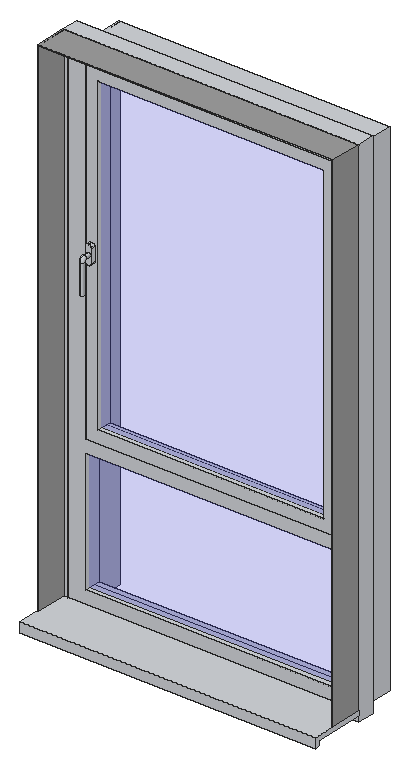
Revit family "AVLN_Окно_Фрамуга_1 створка", category Окна, Revit 2021
Family settings
  Основа = Стена
  Номер OmniClass = 23.30.20.00
  Заголовок OmniClass = Windows
  Всегда вертикально = Да
  При загрузке вырезать с полостями = Нет
  Общий = Нет
  Точка принадлежности помещению = Нет
Parameters (values of type "Для копирования!")
  Ширина рамы = 70 mm
  Ширина импоста = 50 mm
  Четверть слева/справа = 50 mm
  Четверть низ = 0 mm  # constant formula
  Четверть верх = 50 mm
  Толщина основы [instance] = 200 mm
  Створка_толщина = 25 mm  # constant formula
  Створка_снизу_высота = 500 mm
  Створка_профиль = 50 mm
  Створка ширина = Width - ((Ширина рамы * 2) + (Монтажный зазор_Слева + Монтажный зазор_Справа))  # 1020 mm
  Створка высота = Height - (Створка_снизу_высота + (Ширина рамы * 2) + Ширина импоста + (Монтажный зазор_Сверху + Монтажный зазор_Снизу))  # 1370 mm
  Рабочая зона = no
  Rough Width = Width - Монтажный зазор_Слева - Монтажный зазор_Справа  # 1160 mm
  Rough Height = Height - Монтажный зазор_Сверху - Монтажный зазор_Снизу  # 2060 mm
  Подстановочный профиль_Ширина = 20 mm  # constant formula
  Подстановочный профиль_Толщина = 50 mm
  Подоконник_Толщина = 20 mm
  Подоконник_Длина = Width  # 1200 mm
  Подоконник_Глубина = 190 mm
  Подоконник = yes
  Отлив_Толщина = 1 mm  # constant formula
  Отлив_Длина = Width - [Четверть слева/справа] * 2  # 1100 mm
  Отлив_Глубина = 200 mm
  Отлив = no
  Откос_Н.Ширина = Width - 2 * [Четверть слева/справа]  # 1100 mm
  Откос_Н.Толщина.8 = 32 mm
  Откос_Н.Толщина.7 = 28 mm
  Откос_Н.Толщина.6 = 24 mm
  Откос_Н.Толщина.5 = 20 mm
  Откос_Н.Толщина.4 = 16 mm
  Откос_Н.Толщина.3 = 12 mm
  Откос_Н.Толщина.2 = 8 mm
  Откос_Н.Толщина.1 = 4 mm
  Откос_Н.Отступ_П = 0 mm  # constant formula
  Откос_Н.Отступ_Л = 0 mm  # constant formula
  Откос_Н.Количество слоев = 1
  Откос_Н.Глубина = 150 mm
  Откос_Н.Высота = Height - Четверть верх - Четверть низ  # 2050 mm
  Откос_В.Толщина.8 = 32 mm
  Откос_В.Толщина.7 = 28 mm
  Откос_В.Толщина.6 = 24 mm
  Откос_В.Толщина.5 = 20 mm
  Откос_В.Толщина.4 = 16 mm
  Откос_В.Толщина.3 = 12 mm
  Откос_В.Толщина.2 = 8 mm
  Откос_В.Толщина.1 = 4 mm
  Откос_В.Отступ_П [instance] = Монтажный зазор_Снизу + Подоконник_Толщина  # 40 mm
  Откос_В.Отступ_Л [instance] = Монтажный зазор_Снизу + Подоконник_Толщина  # 40 mm
  Откос_В.Количество слоев = 1
  Откос_В.Глубина [instance] = Толщина основы - Глубина вставки - Ширина рамы  # 130 mm
  Определить тепловые свойства по = Тип схем
  Низ открывание = АВЛН_Створка открывная : Створка глухая
  Монтажный зазор_Справа = 20 mm
  Монтажный зазор_Снизу = 20 mm
  Монтажный зазор_Слева = 20 mm
  Монтажный зазор_Сверху = 20 mm
  М.Стекла = Стекло
  М.Рамы = none
  М.Подоконный профиль = none
  М.Подоконник = none
  М.Отлив = none
  М.Откос_Н.8 = none
  М.Откос_Н.7 = none
  М.Откос_Н.6 = none
  М.Откос_Н.5 = none
  М.Откос_Н.4 = none
  М.Откос_Н.3 = none
  М.Откос_Н.2 = none
  М.Откос_Н.1 = none
  М.Откос_В.8 = none
  М.Откос_В.7 = none
  М.Откос_В.6 = none
  М.Откос_В.5 = none
  М.Откос_В.4 = none
  М.Откос_В.3 = none
  М.Откос_В.2 = none
  М.Откос_В.1 = none
  М.Монтажного зазора = none
  Type Comments = ""
  Model = ""
  Глубина вставки = 0 mm
  Высота подоконника по умолчанию = 800 mm
  Height = 2100 mm
  Замыкание стены = По основе
  Width = 1200 mm
  Верх открывание = АВЛН_Створка открывная : Створка повороно-откидная правая
  Аналитическая конструкция = "<Нет>"
  АВЛН_Проем_Ширина [instance] = Width  # 1200 mm
  АВЛН_Проем_Высота [instance] = Height  # 2100 mm
  ADSK_Этаж [instance] = ""
  ADSK_Размер_Ширина = Width  # 1200 mm
  ADSK_Размер_Высота = Height  # 2100 mm
  ADSK_Примечание [instance] = ""
  ADSK_Площадь = Height * Width  # 2.52 m²
  ADSK_Обозначение = ""
  ADSK_Номер секции [instance] = ""
  ADSK_Наименование = ""
  ADSK_Марка = ""
  ADSK_Группирование = ""
  -----------Разрезка----------- = "-----------"  # constant formula
  -----------Профили----------- = "-----------"  # constant formula
  -----------Подоконник----------- = "-----------"  # constant formula
  -----------Отлив----------- = "-----------"  # constant formula
  -----------Откос----------- = "-----------"  # constant formula
  -----------Основные габариты----------- = "-----------"  # constant formula
  -----------Вставка----------- = "-----------"  # constant formula
Reference planes
  plane 1 "По центру (Вперед/Назад)": y = 0
  plane 2 "По центру (Влево/Вправо)": x = 0
  plane 3 "Слева": x = -600
  plane 4 "Справа": x = 600
  plane 5 "Подоконник": z = 800
  plane 6 "Заголовок": z = 2900
  plane 7 "Наружный": y = 100
  plane 8 "Внутренние": y = -100
  plane 9 "Окно": y = 100
  plane 10: x = 580
  plane 11: z = 2880
  plane 12: x = -580
  plane 13: z = 820
  plane 14: x = 550
  plane 15: x = -550
  plane 16: z = 1850
  plane 17: y = 600
  plane 18: y = -400
  plane 19: z = 2850
  plane 20 "Чет. низ": z = 800
  plane 21 "Внутряння грань": y = 30
  plane 22: y = 80
  plane 23 "Импост верх": z = 1440
  plane 24 "Импост низ": z = 1390
  plane 25: z = 890
  plane 26: z = 2810
  plane 27: x = -510
  plane 28: x = 510
  plane 29 "4": z = 1415
  plane 30: z = 1140
  plane 31: x = 0
  plane 32: z = 2125
  plane 33: y = -990
Forms (mm)
  Extrusion 1, void
    sketch origin (0, 100, 0) x (1, 0, 0) y (0, 0, 1)
      loop
        line (550, 2850) -> (-550, 2850) -> (-550, 800) -> (550, 800) -> (550, 2850)
    from -500 to 20
  Extrusion 2, void
    sketch origin (0, 100, 0) x (1, 0, 0) y (0, 0, 1)
      loop
        line (600, 2900) -> (-600, 2900) -> (-600, 800) -> (600, 800) -> (600, 2900)
    from 0 to 500
  Extrusion 3, solid, material <- "М.Монтажного зазора", detail levels medium+fine
    sketch origin (0, 100, 0) x (1, 0, 0) y (0, 0, 1)
      loop
        line (600, 2900) -> (-600, 2900) -> (-600, 800) -> (600, 800) -> (600, 2900)
      loop
        line (-580, 2880) -> (-580, 820) -> (580, 820) -> (580, 2880) -> (-580, 2880)
    from 0 to 70
  Extrusion 4, solid, material <- "М.Рамы", detail levels medium+fine
    sketch origin (0, 100, 0) x (-1, 0, 0) y (0, 0, 1)
      loop
        line (-580, 2880) -> (-580, 820) -> (580, 820) -> (580, 2880) -> (-580, 2880)
      loop
        line (-510, 2810) -> (-510, 1440) -> (510, 1440) -> (510, 2810) -> (-510, 2810)
      loop
        line (-510, 890) -> (510, 890) -> (510, 1390) -> (-510, 1390) -> (-510, 890)
    from -70 to 0
Lines and regions (mm)
  reference lines
    curve 1: line (-600, -100, 1415) -> (600, -100, 1415)
  model lines, style "Рабочая зона", visible <- "Рабочая зона"
    curve 2: line (600, 30, 800) -> (600, -990, 800)
    curve 3: line (-600, -990, 800) -> (600, -990, 800)
    curve 4: line (-600, 30, 800) -> (-600, -990, 800)
Text (mm)
  text "EXTERIOR" at (-1963.203, 1332.353, 0), in view "Опорный уровень"
  text "INTERIOR" at (-1981.466, -818.386, 0), in view "Опорный уровень"
  text "Наружный" at (0, 923.751, 2943.296), in view "Справа"
  text "Наружный" at (0, 1240.237, 2685.409), in view "Слева"
Dimensions and locks
  equal spacing: plane 3 "Слева", plane 2 "По центру (Влево/Вправо)", plane 4 "Справа"
  "Width": plane 3 "Слева" to plane 4 "Справа"
  "Height": plane 5 "Подоконник" to plane 6 "Заголовок"
  "Высота подоконника по умолчанию": plane 5 "Подоконник" to level
  locked: plane 7 "Наружный" to host wall
  locked: plane 8 "Внутренние" to host wall
  "Глубина вставки": plane 9 "Окно" to plane 7 "Наружный"
  "Монтажный зазор_Справа": plane 10 to plane 4 "Справа"
  "Монтажный зазор_Слева": plane 3 "Слева" to plane 12
  "Монтажный зазор_Сверху": plane 11 to plane 6 "Заголовок"
  "Монтажный зазор_Снизу": plane 5 "Подоконник" to plane 13
  "Четверть слева/справа": plane 14 to plane 4 "Справа"
  "Четверть слева/справа": plane 3 "Слева" to plane 15
  equal spacing: plane 5 "Подоконник", plane 16, plane 6 "Заголовок"
  locked: plane 7 "Наружный" to plane 17 at 500
  locked: plane 18 to plane 8 "Внутренние" at 300
  "Четверть верх": plane 19 to plane 6 "Заголовок"
  "Четверть низ": plane 5 "Подоконник" to plane 20 "Чет. низ"
  "Ширина рамы": plane 9 "Окно" to plane 21 "Внутряння грань"
  "Толщина основы": host wall to host wall
  locked: plane 22 to plane 21 "Внутряння грань" at 50
  "Ширина импоста": plane 24 "Импост низ" to plane 23 "Импост верх"
  "Ширина рамы": plane 28 to plane 10
  "Ширина рамы": plane 12 to plane 27
  "Ширина рамы": plane 13 to plane 25
  "Ширина рамы": plane 26 to plane 11
  plane 23 "Импост верх" to plane 26 = 1370 mm
  "Створка_снизу_высота": plane 25 to plane 24 "Импост низ"
  equal spacing: plane 23 "Импост верх", plane 29 "4", plane 24 "Импост низ"
  equal spacing: plane 3 "Слева", plane 31, plane 4 "Справа"
  equal spacing: plane 24 "Импост низ", plane 30, plane 25
  equal spacing: plane 26, plane 32, plane 23 "Импост верх"
  "Створка ширина": plane 21 "Внутряння грань" to plane 33
  aligned and locked: Extrusion 1 sketch curve to plane 14
  aligned and locked: Extrusion 1 sketch curve to plane 15
  aligned and locked: plane 17 to Extrusion 1
  aligned and locked: Extrusion 2 sketch curve to plane 6 "Заголовок"
  aligned and locked: Extrusion 2 sketch curve to plane 4 "Справа"
  aligned and locked: plane 5 "Подоконник" to Extrusion 2 sketch curve
  aligned and locked: plane 3 "Слева" to Extrusion 2 sketch curve
  aligned and locked: plane 9 "Окно" to Extrusion 2
  aligned and locked: Extrusion 2 to plane 18
  aligned and locked: Extrusion 1 sketch curve to plane 19
  aligned and locked: plane 20 "Чет. низ" to Extrusion 1 sketch curve
  aligned and locked: plane 9 "Окно" to nested 1
  aligned and locked: plane 2 "По центру (Влево/Вправо)" to nested 1
  aligned and locked: nested 2 to plane 21 "Внутряння грань"
  aligned and locked: nested 2 to plane 2 "По центру (Влево/Вправо)"
  aligned and locked: plane 8 "Внутренние" to nested 3
  aligned and locked: nested 4 to plane 9 "Окно"
  aligned and locked: Extrusion 3 sketch curve to plane 6 "Заголовок"
  aligned and locked: Extrusion 3 sketch curve to plane 4 "Справа"
  aligned and locked: Extrusion 3 sketch curve to nested 2  (x2)
  aligned and locked: Extrusion 3 sketch curve to plane 11
  aligned and locked: Extrusion 3 sketch curve to plane 12
  aligned and locked: plane 13 to Extrusion 3 sketch curve
  aligned and locked: Extrusion 3 sketch curve to plane 10
  aligned and locked: Extrusion 3 to nested 2
  aligned and locked: plane 24 "Импост низ" to Extrusion 4 sketch curve
  aligned and locked: plane 23 "Импост верх" to Extrusion 4 sketch curve
  aligned and locked: Extrusion 4 sketch curve to Extrusion 4 sketch curve
  aligned and locked: plane 27 to Extrusion 4 sketch curve
  aligned and locked: Extrusion 4 sketch curve to plane 12
  aligned and locked: plane 13 to Extrusion 4 sketch curve
  aligned and locked: plane 28 to Extrusion 4 sketch curve  (x2)
  aligned and locked: plane 10 to Extrusion 4 sketch curve
  aligned and locked: Extrusion 4 sketch curve to plane 26
  aligned and locked: Extrusion 4 sketch curve to plane 11
  aligned and locked: plane 20 "Чет. низ" to nested 4
  aligned and locked: nested 4 to plane 2 "По центру (Влево/Вправо)"
  aligned and locked: plane 9 "Окно" to Extrusion 3
  aligned and locked: Extrusion 4 to plane 21 "Внутряння грань"
  aligned and locked: plane 9 "Окно" to Extrusion 4
  aligned and locked: Extrusion 1 to plane 22
  aligned and locked: curve 1 to plane 29 "4"
  aligned and locked: plane 3 "Слева" to curve 1
  aligned and locked: plane 4 "Справа" to curve 1
  aligned and locked: plane 31 to nested 6
  aligned and locked: nested 6 to plane 16
  aligned and locked: nested 3 to plane 31
  aligned and locked: plane 31 to nested 8
  aligned and locked: plane 31 to nested 9
  aligned and locked: nested 8 to plane 32
  aligned and locked: plane 24 "Импост низ" to nested 9
  aligned and locked: plane 4 "Справа" to curve 2
  aligned and locked: plane 3 "Слева" to curve 4
  aligned and locked: curve 3 to plane 33
Automatic sketch dimensions
  Extrusion 4 sketch curve to plane 25 = 0 mm
  curve 4 to plane 21 "Внутряння грань" = 0 mm
  curve 2 to plane 21 "Внутряння грань" = 0 mm
Nested families
  nested 1: "Отлив" at (0, 100, 800) x (-1, 0, 0) z (0, 0, 1), Глубина отлива <- "Отлив_Глубина", Длина отлива <- "Отлив_Длина", ТО <- "Отлив_Толщина", Ш_МЗЗ <- "Монтажный зазор_Снизу", Ш_ПП <- "Подстановочный профиль_Ширина", ADSK_Группирование <- "ADSK_Группирование", ADSK_Номер секции <- "ADSK_Номер секции", ADSK_Этаж <- "ADSK_Этаж", visible <- "Отлив", М <- "М.Отлив", type "Отлив", detail levels fine
    with Ш_ПП 20 mm, Ш_МЗЗ 20 mm, ТО 1 mm, М none, Длина отлива 1100 mm, Глубина отлива 200 mm, ADSK_Этаж "", ADSK_Примечание "", ADSK_Обозначение "", ADSK_Номер секции "", ADSK_Наименование "", ADSK_Марка "", ADSK_Группирование ""
  nested 2: "Подоконник" at (0, 30, 800), Глубина подоконника <- "Подоконник_Глубина", Длина отлива <- "Подоконник_Длина", ТП <- "Подоконник_Толщина", Ш_МЗЗ <- "Монтажный зазор_Снизу", Ш_ПП <- "Подстановочный профиль_Ширина", ADSK_Группирование <- "ADSK_Группирование", ADSK_Номер секции <- "ADSK_Номер секции", ADSK_Этаж <- "ADSK_Этаж", visible <- "Подоконник", М <- "М.Подоконник", type "Подоконник", detail levels fine
    with Ш_ПП 20 mm, Ш_МЗЗ 20 mm, ТП 20 mm, М none, Длина отлива 1200 mm, Глубина подоконника 190 mm, ADSK_Этаж "", ADSK_Примечание "", ADSK_Обозначение "", ADSK_Номер секции "", ADSK_Наименование "", ADSK_Марка "", ADSK_Группирование ""
  nested 3: "AVLN_Откосы_R19" at (0, -100, 0), Глубина <- "Откос_В.Глубина", Высота от уровня <- "Высота подоконника по умолчанию", ADSK_Группирование <- "Type Comments", ADSK_Этаж <- "ADSK_Этаж", ADSK_Номер секции <- "ADSK_Номер секции", Материал_1 <- "М.Откос_В.1", Материал_2 <- "М.Откос_В.2", Материал_3 <- "М.Откос_В.3", Материал_4 <- "М.Откос_В.4", Материал_5 <- "М.Откос_В.5", Материал_6 <- "М.Откос_В.6", Материал_7 <- "М.Откос_В.7", Материал_8 <- "М.Откос_В.8", Толщина_1 <- "Откос_В.Толщина.1", Толщина_2 <- "Откос_В.Толщина.2", Толщина_3 <- "Откос_В.Толщина.3", Толщина_4 <- "Откос_В.Толщина.4", Толщина_5 <- "Откос_В.Толщина.5", Толщина_6 <- "Откос_В.Толщина.6", Толщина_7 <- "Откос_В.Толщина.7", Толщина_8 <- "Откос_В.Толщина.8", Количество слоев <- "Откос_В.Количество слоев", Отступ_Л <- "Откос_В.Отступ_Л", Отступ_П <- "Откос_В.Отступ_П", Высота <- "Height", Ширина <- "Width", type "AVLN_Откосы_R19"
    with Ширина_8 976 mm, Ширина_7 1032 mm, Ширина_6 1080 mm, Ширина_5 1120 mm, Ширина_4 1152 mm, Ширина_3 1176 mm, Ширина_2 1192 mm, Ширина 1200 mm, Толщина_8 32 mm, Толщина_7 28 mm, Толщина_6 24 mm, Толщина_5 20 mm, Толщина_4 16 mm, Толщина_3 12 mm, Толщина_2 8 mm, Толщина_1 4 mm, Отступ_П 40 mm, Отступ_Л 40 mm, Материал_8 none, Материал_7 none, Материал_6 none, Материал_5 none, Материал_4 none, Материал_3 none, Материал_2 none, Материал_1 none, Количество слоев 1, Глубина 130 mm, Высота_8 1988 mm, Высота_7 2016 mm, Высота_6 2040 mm, Высота_5 2060 mm, Высота_4 2076 mm, Высота_3 2088 mm, Высота_2 2096 mm, Высота от уровня 800 mm, Высота 2100 mm, Видимость_8 no, Видимость_7 no, Видимость_6 no, Видимость_5 no, Видимость_4 no, Видимость_3 no, Видимость_2 no, Видимость_1 yes, ADSK_Этаж "", ADSK_Номер секции "", ADSK_Группирование ""
  nested 4: "AVLN_Откосы_R19" at (0, 100, 0), Ширина <- "Откос_Н.Ширина", Глубина <- "Откос_Н.Глубина", Высота <- "Откос_Н.Высота", Высота от уровня <- "Высота подоконника по умолчанию", ADSK_Группирование <- "Type Comments", ADSK_Этаж <- "ADSK_Этаж", ADSK_Номер секции <- "ADSK_Номер секции", Материал_1 <- "М.Откос_Н.1", Материал_2 <- "М.Откос_Н.2", Материал_3 <- "М.Откос_Н.3", Материал_4 <- "М.Откос_Н.4", Материал_5 <- "М.Откос_Н.5", Материал_6 <- "М.Откос_Н.6", Материал_7 <- "М.Откос_Н.7", Материал_8 <- "М.Откос_Н.8", Толщина_1 <- "Откос_Н.Толщина.1", Толщина_2 <- "Откос_Н.Толщина.2", Толщина_3 <- "Откос_Н.Толщина.3", Толщина_4 <- "Откос_Н.Толщина.4", Толщина_5 <- "Откос_Н.Толщина.5", Толщина_6 <- "Откос_Н.Толщина.6", Толщина_7 <- "Откос_Н.Толщина.7", Толщина_8 <- "Откос_Н.Толщина.8", Количество слоев <- "Откос_Н.Количество слоев", Отступ_Л <- "Откос_Н.Отступ_Л", Отступ_П <- "Откос_Н.Отступ_П", type "AVLN_Откосы_R19"
    with Ширина_8 876 mm, Ширина_7 932 mm, Ширина_6 980 mm, Ширина_5 1020 mm, Ширина_4 1052 mm, Ширина_3 1076 mm, Ширина_2 1092 mm, Ширина 1100 mm, Толщина_8 32 mm, Толщина_7 28 mm, Толщина_6 24 mm, Толщина_5 20 mm, Толщина_4 16 mm, Толщина_3 12 mm, Толщина_2 8 mm, Толщина_1 4 mm, Отступ_П 0 mm, Отступ_Л 0 mm, Материал_8 none, Материал_7 none, Материал_6 none, Материал_5 none, Материал_4 none, Материал_3 none, Материал_2 none, Материал_1 none, Количество слоев 1, Глубина 150 mm, Высота_8 1938 mm, Высота_7 1966 mm, Высота_6 1990 mm, Высота_5 2010 mm, Высота_4 2026 mm, Высота_3 2038 mm, Высота_2 2046 mm, Высота от уровня 800 mm, Высота 2050 mm, Видимость_8 no, Видимость_7 no, Видимость_6 no, Видимость_5 no, Видимость_4 no, Видимость_3 no, Видимость_2 no, Видимость_1 yes, ADSK_Этаж "", ADSK_Номер секции "", ADSK_Группирование ""
  nested 5: "Откос_R1" at (0, 175, 800), type "Откос_R19 2"
    with Площадь 0.78 m², Отступ_П 0 mm, Отступ_Л 0 mm, Материал none, Видимость yes, ADSK_Этаж "", ADSK_Размер_Ширина 1100 mm, ADSK_Размер_Толщина 4 mm, ADSK_Размер_Глубина 150 mm, ADSK_Размер_Высота 2050 mm, ADSK_Номер секции "", ADSK_Группирование ""
  nested 6: "AVLN_Обозначение проема" at (0, 100, 1850) x (0, 0, -1) z (0, -1, 0), ADSK_Размер_Высота <- "АВЛН_Проем_Ширина", ADSK_Размер_Ширина <- "АВЛН_Проем_Высота", type "AVLN_Обозначение проема", detail levels coarse
    with Длина 200 mm, ADSK_Размер_Ширина 2100 mm, ADSK_Размер_Высота 1200 mm
  nested 7: "Откос_R1" at (0, -35, 800), type "Откос_R19 2"
    with Площадь 0.702 m², Отступ_П 40 mm, Отступ_Л 40 mm, Материал none, Видимость yes, ADSK_Этаж "", ADSK_Размер_Ширина 1200 mm, ADSK_Размер_Толщина 4 mm, ADSK_Размер_Глубина 130 mm, ADSK_Размер_Высота 2100 mm, ADSK_Номер секции "", ADSK_Группирование ""
  nested 8: "АВЛН_Створка открывная" at (0, 30, 2125) x (-1, 0, 0) z (0, 1, 0), type <- "Верх открывание", Ширина рамы <- "Створка_профиль", Створка высота <- "Створка высота", Створка ширина <- "Створка ширина", Материал_Ручки <- "М.Рамы", Материал_Рама <- "М.Рамы", Материал_Стеклопакет <- "М.Стекла", type "Створка повороно-откидная правая", detail levels medium+fine
    with Ширина рамы 50 mm, Створка ширина 1020 mm, Створка высота 1370 mm, Материал_Стеклопакет Стекло, Материал_Ручки none, Материал_Рама none, Width 1020 mm, Height 1370 mm
  nested 9: "АВЛН_Створка открывная" at (0, 30, 1140) x (-1, 0, 0) z (0, 1, 0), type <- "Низ открывание", Ширина рамы <- "Створка_профиль", Створка высота <- "Створка_снизу_высота", Створка ширина <- "Створка ширина", Материал_Ручки <- "М.Рамы", Материал_Рама <- "М.Рамы", Материал_Стеклопакет <- "М.Стекла", type "Створка глухая", detail levels medium+fine
    with Ширина рамы 50 mm, Створка ширина 1020 mm, Створка высота 500 mm, Материал_Стеклопакет Стекло, Материал_Ручки none, Материал_Рама none
Definition of nested family "Отлив"
  Parameters (values of type "Отлив")
    Ш_ПП [instance] = 50 mm
    Ш_МЗЗ [instance] = 35 mm
    ТО [instance] = 1 mm
    Default Elevation = 1219.2 mm
    М [instance] = none
    Длина отлива [instance] = 1560 mm
    Глубина отлива [instance] = 280 mm
    ADSK_Этаж [instance] = ""
    ADSK_Примечание [instance] = ""
    ADSK_Обозначение [instance] = ""
    ADSK_Номер секции [instance] = ""
    ADSK_Наименование [instance] = ""
    ADSK_Марка [instance] = ""
    ADSK_Группирование [instance] = ""
  Reference planes
    plane 1 "По центру (Вперед/Назад)": y = 0
    plane 2: z = 0
    plane 3 "По центру (Влево/Вправо)": x = 0
    plane 4: y = -280
    plane 5: x = -780
    plane 6: x = 780
    plane 7: z = 35
    plane 8: z = 85
    plane 9: y = -1
    plane 10: y = -300
    plane 11: y = -301
    plane 12: z = -35
    plane 13: z = 34
  Forms (mm)
    Extrusion 1, solid, material <- "М"
      sketch origin (0, 0, 0) x (0, 1, 0) y (0, 0, 1)
        loop
          line (0, 85) -> (-1, 85) -> (-1, 34.893) -> (-301, 0.893) -> (-301, -35) -> (-300, -35) -> (-300, 0) -> (0, 34) -> (0, 85)
      from -780 to 780
  Dimensions and locks
    equal spacing: plane 5, plane 3 "По центру (Влево/Вправо)", plane 6
    "Длина отлива": plane 5 to plane 6
    "Глубина отлива": plane 4 to plane 1 "По центру (Вперед/Назад)"
    "Ш_МЗЗ": plane 7 to level
    "Ш_ПП": plane 8 to plane 7
    "ТО": plane 1 "По центру (Вперед/Назад)" to plane 9
    "ТО": plane 10 to plane 11
    locked: level to plane 12 at 35
    "ТО": plane 7 to plane 13
    "ТО": Extrusion 1 sketch curve to Extrusion 1 sketch curve
    locked: plane 4 to plane 10 at 20
    aligned and locked: level to plane 2
    aligned and locked: plane 8 to Extrusion 1 sketch curve
    aligned and locked: plane 9 to Extrusion 1 sketch curve
    aligned and locked: plane 11 to Extrusion 1 sketch curve
    aligned and locked: plane 12 to Extrusion 1 sketch curve
    aligned and locked: plane 1 "По центру (Вперед/Назад)" to Extrusion 1 sketch curve  (x2)
    aligned and locked: plane 13 to Extrusion 1 sketch curve
    aligned and locked: level to Extrusion 1 sketch curve
    aligned and locked: plane 10 to Extrusion 1 sketch curve
    aligned and locked: plane 6 to Extrusion 1
    aligned and locked: Extrusion 1 to plane 5
Definition of nested family "Подоконник"
  Parameters (values of type "Подоконник")
    Ш_ПП [instance] = 50 mm
    Ш_МЗЗ [instance] = 35 mm
    ТП [instance] = 20 mm
    Default Elevation = 1219.2 mm
    М [instance] = none
    Длина отлива [instance] = 1560 mm
    Глубина подоконника [instance] = 280 mm
    ADSK_Этаж [instance] = ""
    ADSK_Примечание [instance] = ""
    ADSK_Обозначение [instance] = ""
    ADSK_Номер секции [instance] = ""
    ADSK_Наименование [instance] = ""
    ADSK_Марка [instance] = ""
    ADSK_Группирование [instance] = ""
  Reference planes
    plane 1 "По центру (Вперед/Назад)": y = 0
    plane 2: z = 0
    plane 3 "По центру (Влево/Вправо)": x = 0
    plane 4: y = -280
    plane 5: x = -780
    plane 6: x = 780
    plane 7: z = 35
    plane 8: z = 85
    plane 9: y = -20
    plane 10: y = -290
    plane 11: y = -310
    plane 12: z = -35
    plane 13: z = 15
    plane 14: z = 65
  Forms (mm)
    Extrusion 1, solid, material <- "М"
      sketch origin (0, 0, 0) x (0, 1, 0) y (0, 0, 1)
        loop
          line (0, 85) -> (-310, 85) -> (-310, 0) -> (-290, 0) -> (-290, 65) -> (0, 65) -> (0, 85)
      from -780 to 780
  Dimensions and locks
    equal spacing: plane 5, plane 3 "По центру (Влево/Вправо)", plane 6
    "Длина отлива": plane 5 to plane 6
    "Глубина подоконника": plane 4 to plane 1 "По центру (Вперед/Назад)"
    "Ш_МЗЗ": plane 7 to level
    "Ш_ПП": plane 8 to plane 7
    "ТП": plane 1 "По центру (Вперед/Назад)" to plane 9
    "ТП": plane 10 to plane 11
    locked: level to plane 12 at 35
    "ТП": plane 7 to plane 13
    locked: plane 4 to plane 10 at 10
    "ТП": plane 8 to plane 14
    aligned and locked: level to plane 2
    aligned and locked: plane 8 to Extrusion 1 sketch curve
    aligned and locked: plane 1 "По центру (Вперед/Назад)" to Extrusion 1 sketch curve
    aligned and locked: plane 10 to Extrusion 1 sketch curve
    aligned and locked: plane 11 to Extrusion 1 sketch curve
    aligned and locked: level to Extrusion 1 sketch curve
    aligned and locked: plane 14 to Extrusion 1 sketch curve
    aligned and locked: Extrusion 1 to plane 5
    aligned and locked: plane 6 to Extrusion 1
Definition of nested family "Откос_R1"
  Parameters (values of type "Откос_R19")
    Площадь [instance] = (ADSK_Размер_Ширина + 2 * ADSK_Размер_Высота) * ADSK_Размер_Глубина  # 2.93564 m²
    Отступ_П [instance] = 0 mm
    Отступ_Л [instance] = 0 mm
    Материал [instance] = none
    Model = "Внутренний слой откоса"  # constant formula
    Видимость [instance] = yes
    ADSK_Этаж [instance] = ""
    ADSK_Размер_Ширина [instance] = 1880 mm
    ADSK_Размер_Толщина [instance] = 164.158 mm
    ADSK_Размер_Глубина [instance] = 560 mm
    ADSK_Размер_Высота [instance] = 1681.106 mm
    ADSK_Примечание = ""
    ADSK_Обозначение = ""
    ADSK_Номер секции [instance] = ""
    ADSK_Наименование = ""
    ADSK_Марка = ""
    ADSK_Группирование [instance] = ""
  Reference planes
    plane 1 "По центру (Вперед/Назад)": y = 0
    plane 2: z = 0
    plane 3 "По центру (Влево/Вправо)": x = 0
    plane 4: x = -940
    plane 5: x = 940
    plane 6: y = 280
    plane 7: y = -280
    plane 8: x = -775.842
    plane 9: z = 1681.106
    plane 10: z = 0
    plane 11: z = 0
  Forms (mm)
    Sweep 1, solid, material <- "Материал", visible <- "Видимость"
      path origin (0, 0, 0) x (1, 0, 0) y (0, 0, 1)
        loop
          line (940, 0) -> (940, 1681.106) -> (-940, 1681.106) -> (-940, 0)
      profile origin (-940, 0, 840.553) x (0, -1, 0) y (1, 0, 0)
        loop
          line (-280, 0) -> (280, 0) -> (280, 164.158) -> (-280, 164.158) -> (-280, 0)
  Dimensions and locks
    equal spacing: plane 6, plane 1 "По центру (Вперед/Назад)", plane 7
    equal spacing: plane 4, plane 3 "По центру (Влево/Вправо)", plane 5
    "ADSK_Размер_Толщина": plane 4 to plane 8
    "ADSK_Размер_Глубина": plane 6 to plane 7
    "ADSK_Размер_Высота": plane 9 to level
    "ADSK_Размер_Ширина": plane 5 to plane 4
    "Отступ_Л": plane 10 to level
    "Отступ_П": plane 11 to level
    aligned and locked: level to plane 2
    aligned and locked: Sweep 1 sketch curve to plane 4
    aligned and locked: Sweep 1 sketch curve to plane 9
    aligned and locked: Sweep 1 sketch curve to plane 5
    aligned and locked: plane 6 to Sweep 1 sketch curve
    aligned and locked: profile plane to Sweep 1 sketch curve
    aligned and locked: Sweep 1 sketch curve to plane 7
    aligned and locked: plane 8 to Sweep 1 sketch curve
    aligned and locked: plane 10 to Sweep 1 sketch curve
    aligned and locked: plane 11 to Sweep 1 sketch curve
Definition of nested family "АВЛН_Створка открывная"
  Parameters (values of type "Створка повороно-откидная правая")
    Ширина рамы [instance] = 50 mm
    Width = 1600 mm
    Створка ширина [instance] = 800 mm
    Створка высота [instance] = 700 mm
    Define Thermal Properties by = 1
    Материал_Стеклопакет [instance] = none
    Поворотная Правая = yes
    Поворотная Левая = no
    Default Elevation = 1219.2 mm
    Открываная = yes
    Откидная = yes
    Материал_Ручки [instance] = none
    Материал_Рама [instance] = none
    Левая = yes
    Глухое = no
    Height = 1800 mm
    Analytic Construction = "<Нет>"
  Types (6, lengths in mm): name | Поворотная Правая | Поворотная Левая | Открываная | Откидная | Глухое
    Створка повороно-откидная правая | yes | no | yes | yes | no
    Створка повороно-откидная левая | no | yes | yes | yes | no
    Створка глухая | no | no | no | no | yes
    Створка откидная | no | no | yes | yes | no
    Створка поворотная правая | yes | no | yes | no | no
    Створка поворотная левая | no | yes | yes | no | no
  Reference planes
    plane 1 "По центру (Вперед/Назад)": y = 0
    plane 2 "Внутрення грань": z = 0
    plane 3 "По центру (Влево/Вправо)": x = 0
    plane 4: y = 350
    plane 5: x = 400
    plane 6: y = -350
    plane 7: x = -400
    plane 8 "Наружняя грань": z = 60.433
    plane 9 "По центру Л/Р": z = 30.216
  Forms (mm)
    Extrusion 1, solid
      sketch origin (0, 0, 0) x (1, 0, 0) y (0, 1, 0)
        loop
          line (-1219.2, 1219.2) -> (-1219.2, -1219.2) -> (1219.2, -1219.2) -> (1219.2, 1219.2) -> (-1219.2, 1219.2)
      from 0 to -304.8
    Sweep 2, solid, material <- "Материал_Рама", visible <- "Открываная"
      path origin (0, 0, 0) x (1, 0, 0) y (0, 1, 0)
        loop
          line (400, 350) -> (-400, 350) -> (-400, -350) -> (400, -350) -> (400, 350)
      profile origin (0, 350, 0) x (0, -1, 0) y (0, 0, 1)
        loop
          line (0, 0) -> (50, 0) -> (50, 60.433) -> (0, 60.433) -> (0, 0)
    Extrusion 3, solid, material <- "Материал_Стеклопакет", visible <- "Открываная"
      sketch origin (0, 0, 0) x (1, 0, 0) y (0, 1, 0)
        loop
          line (-350, 300) -> (-350, -300) -> (350, -300) -> (350, 300) -> (-350, 300)
      from 17.481 to 42.952
    Extrusion 4, solid, material <- "Материал_Стеклопакет", visible <- "Глухое"
      sketch origin (0, 0, 0) x (1, 0, 0) y (0, 1, 0)
        loop
          line (-400, 350) -> (-400, -350) -> (400, -350) -> (400, 350) -> (-400, 350)
      from 17.481 to 42.952
  Lines and regions (mm)
    model lines, visible <- "Глухое", detail levels medium+fine
      curve 1: line (0, 50, 60.433) -> (0, -50, 60.433)
      curve 2: line (50, 0, 60.433) -> (-50, 0, 60.433)
      curve 17: line (0, 50, 0) -> (0, -50, 0)
      curve 18: line (50, 0, 0) -> (-50, 0, 0)
    model lines, visible <- "Глухое", not visible, detail levels medium+fine
      curve 3: line (60, 38.001, 60.433) -> (60, -61.999, 60.433)
      curve 4: line (110, -11.999, 60.433) -> (10, -11.999, 60.433)
    model lines, visible <- "Поворотная Левая", detail levels medium+fine
      curve 5: line (400, 350, 0) -> (-400, 0, 0)
      curve 6: line (400, -350, 0) -> (-400, 0, 0)
      curve 13: line (400, 350, 60.433) -> (-400, 0, 60.433)
      curve 14: line (400, -350, 60.433) -> (-400, 0, 60.433)
    model lines, visible <- "Откидная", detail levels medium+fine
      curve 7: line (-400, -350, 0) -> (0, 350, 0)
      curve 8: line (0, 350, 0) -> (400, -350, 0)
      curve 15: line (-400, -350, 60.433) -> (0, 350, 60.433)
      curve 16: line (0, 350, 60.433) -> (400, -350, 60.433)
    model lines, visible <- "Поворотная Правая", detail levels medium+fine
      curve 9: line (-400, 350, 0) -> (400, 0, 0)
      curve 10: line (-400, -350, 0) -> (400, 0, 0)
      curve 11: line (-400, 350, 60.433) -> (400, 0, 60.433)
      curve 12: line (-400, -350, 60.433) -> (400, 0, 60.433)
  Dimensions and locks
    "Створка высота": plane 4 to plane 6
    "Створка ширина": plane 7 to plane 5
    equal spacing: plane 7, plane 3 "По центру (Влево/Вправо)", plane 5
    equal spacing: plane 6, plane 1 "По центру (Вперед/Назад)", plane 4
    plane 2 "Внутрення грань" to plane 8 "Наружняя грань" = 60.433 mm
    level to Extrusion 4 = 42.952 mm
    plane 8 "Наружняя грань" to level = 60.433 mm
    equal spacing: Extrusion 3, plane 9 "По центру Л/Р", Extrusion 3
    equal spacing: plane 8 "Наружняя грань", plane 9 "По центру Л/Р", level
    Extrusion 3 to Extrusion 3 = 25.471 mm
    "Ширина рамы": profile plane to Sweep 2 sketch curve
    equal spacing: Extrusion 4, plane 9 "По центру Л/Р", Extrusion 4, locked at 12.735 each
    locked: Extrusion 4 to Extrusion 4 at 25.471
    equal spacing: Sweep 2, nested 1, Sweep 2
    equal spacing: Sweep 2, nested 2, Sweep 2
    aligned and locked: plane 2 "Внутрення грань" to Extrusion 1
    aligned and locked: level to Extrusion 1
    aligned and locked: plane 4 to Sweep 2 sketch curve
    aligned and locked: plane 5 to Sweep 2 sketch curve
    aligned and locked: plane 6 to Sweep 2 sketch curve
    aligned and locked: Sweep 2 sketch curve to plane 7
    aligned and locked: Extrusion 3 sketch curve to Sweep 2  (x4)
    aligned and locked: Extrusion 4 sketch curve to Sweep 2  (x3)
    aligned and locked: Extrusion 4 sketch curve to plane 5
    aligned and locked: Sweep 2 sketch curve to plane 8 "Наружняя грань"
    aligned and locked: plane 6 to Extrusion 4
    aligned and locked: plane 4 to Extrusion 4
    aligned and locked: curve 2 to plane 1 "По центру (Вперед/Назад)"
    aligned and locked: curve 1 to plane 3 "По центру (Влево/Вправо)"
    aligned and locked: curve 18 to plane 1 "По центру (Вперед/Назад)"
    aligned and locked: curve 17 to plane 3 "По центру (Влево/Вправо)"
    aligned and locked: nested 2 to plane 1 "По центру (Вперед/Назад)"
    aligned and locked: nested 1 to plane 1 "По центру (Вперед/Назад)"
  Automatic sketch dimensions
    Extrusion 1 sketch curve to Extrusion 1 sketch curve = 2438.4 mm  (x2)
    plane 1 "По центру (Вперед/Назад)" to curve 5 = 0 mm
    curve 5 to plane 7 = 0 mm
    curve 9 to plane 4 = 0 mm
    curve 9 to plane 7 = 0 mm
    plane 6 to curve 7 = 0 mm
    curve 7 to plane 7 = 0 mm
    curve 7 to plane 3 "По центру (Влево/Вправо)" = 0 mm
    curve 6 to plane 5 = 0 mm
    plane 1 "По центру (Вперед/Назад)" to curve 9 = 0 mm
    curve 9 to plane 5 = 0 mm
    curve 5 to plane 4 = 0 mm
    curve 5 to plane 5 = 0 mm
    plane 6 to curve 8 = 0 mm
    curve 8 to plane 4 = 0 mm
    curve 11 to plane 4 = 0 mm
    curve 11 to plane 7 = 0 mm
    plane 6 to curve 15 = 0 mm
    curve 15 to plane 7 = 0 mm
    plane 1 "По центру (Вперед/Назад)" to curve 14 = 0 mm
    curve 14 to plane 7 = 0 mm
    curve 15 to plane 3 "По центру (Влево/Вправо)" = 0 mm
    plane 1 "По центру (Вперед/Назад)" to curve 11 = 0 mm
    curve 11 to plane 5 = 0 mm
    curve 14 to plane 5 = 0 mm
    curve 13 to plane 4 = 0 mm
    curve 13 to plane 5 = 0 mm
    plane 6 to curve 14 = 0 mm
    curve 15 to plane 4 = 0 mm
    plane 1 "По центру (Вперед/Назад)" to curve 2 = 0 mm
    curve 1 to plane 3 "По центру (Влево/Вправо)" = 0 mm
    curve 2 to plane 3 "По центру (Влево/Вправо)" = 50 mm
    plane 3 "По центру (Влево/Вправо)" to curve 2 = 50 mm
    plane 1 "По центру (Вперед/Назад)" to curve 1 = 50 mm
    curve 1 to plane 1 "По центру (Вперед/Назад)" = 50 mm
    curve 18 to curve 17 = 50 mm
    curve 17 to curve 18 = 50 mm
    plane 1 "По центру (Вперед/Назад)" to curve 17 = 50 mm
    curve 17 to plane 1 "По центру (Вперед/Назад)" = 50 mm
    Sweep 2 sketch curve to level = 0 mm
    Sweep 2 sketch curve to profile plane = 0 mm
  Nested families
    nested 1: "АВЛН_Ручка" at (375, 1040, 0) x (1, 0, 0) z (0, -1, 0), visible <- "Поворотная Правая", Материал дверной ручки <- "Материал_Рама", type "АВЛН_Ручка", detail levels fine
      with Материал дверной ручки none, Высота расположения дверной ручки 1040 mm
    nested 2: "АВЛН_Ручка" at (-375, 1040, 0) x (1, 0, 0) z (0, -1, 0), visible <- "Поворотная Левая", Материал дверной ручки <- "Материал_Рама", type "АВЛН_Ручка", detail levels fine
      with Материал дверной ручки none, Высота расположения дверной ручки 1040 mm
  Definition of nested family "АВЛН_Ручка"
    Parameters (values of type "АВЛН_Ручка")
      Default Elevation = 1219.2 mm
      Материал дверной ручки [instance] = none
      Высота расположения дверной ручки [instance] = 1040 mm
      Analytic Construction = "<Нет>"
      b = 25 mm
      a = 75 mm
    Reference planes
      plane 1 "По центру (Вперед/Назад)": y = 0
      plane 2: z = 0
      plane 3 "По центру (Влево/Вправо)": x = 0
      plane 4: z = 1040
      plane 5: x = 12.5
      plane 6: x = -12.5
      plane 7: z = 1002.5
      plane 8: z = 1077.5
      plane 9: y = -15
    Forms (mm)
      Extrusion 1, solid, material <- "Материал дверной ручки"
        sketch origin (0, 0, 2080) x (-1, 0, 0) y (0, 0, -1)
          loop
            arc (-2.5, 1077.5) -> (-9.571, 1074.571) -> (-12.5, 1067.5) r 10
            line (-12.5, 1067.5) -> (-12.5, 1012.5)
            arc (-12.5, 1012.5) -> (-9.571, 1005.429) -> (-2.5, 1002.5) r 10
            line (-2.5, 1002.5) -> (2.5, 1002.5)
            arc (2.5, 1002.5) -> (9.571, 1005.429) -> (12.5, 1012.5) r 10
            line (12.5, 1012.5) -> (12.5, 1067.5)
            arc (12.5, 1067.5) -> (9.571, 1074.571) -> (2.5, 1077.5) r 10
            line (2.5, 1077.5) -> (-2.5, 1077.5)
        from 0 to 15
      Sweep 2, solid, material <- "Материал дверной ручки"
        path origin (-1040, 0, 1040) x (0, 0, -1) y (0, 1, 0)
          loop
            line (0, -15) -> (0, -38.261)
            arc (0, -38.261) -> (-2.929, -45.332) -> (-10, -48.261) r 10
            line (-10, -48.261) -> (-130, -48.261)
        profile origin (-1040, -26.63, 1040) x (0, 0, -1) y (1, 0, 0)
          loop
            circle (0, 1040) r 8
    Dimensions and locks
      "Высота расположения дверной ручки": plane 4 to level
      "a": plane 7 to plane 8
      "b": plane 6 to plane 5
      plane 6 to plane 5 = 25 mm
      locked: plane 1 "По центру (Вперед/Назад)" to plane 9 at 15
      plane 7 to plane 8 = 75 mm
      aligned and locked: level to plane 2
      aligned and locked: Extrusion 1 sketch curve to plane 7
      aligned and locked: plane 5 to Extrusion 1 sketch curve
      aligned and locked: plane 8 to Extrusion 1 sketch curve
      aligned and locked: Extrusion 1 sketch curve to plane 6
      aligned and locked: Extrusion 1 to plane 1 "По центру (Вперед/Назад)"
    Automatic sketch dimensions
      Sweep 2 sketch curve to plane 9 = 0 mm
      plane 4 to Sweep 2 sketch curve = 10 mm
      plane 9 to Sweep 2 sketch curve = 23.261 mm
      Sweep 2 sketch curve to Sweep 2 sketch curve = 120 mm
      Sweep 2 sketch curve to profile plane = 0 mm
      profile plane to Sweep 2 sketch curve = 1040 mm
      Sweep 2 sketch curve to plane 4 = 0 mm
      plane 3 "По центру (Влево/Вправо)" to Extrusion 1 sketch curve = 2.5 mm  (x2)
      Extrusion 1 sketch curve to plane 3 "По центру (Влево/Вправо)" = 2.5 mm  (x2)
      radius of Sweep 2 sketch curve = 8 mm
Definition of nested family "AVLN_Откосы_R19"
  Parameters (values of type "AVLN_Откосы_R19")
    Ширина_8 [instance] = Ширина_7 - Толщина_7 * 2  # 776 mm
    Ширина_7 [instance] = Ширина_6 - Толщина_6 * 2  # 832 mm
    Ширина_6 [instance] = Ширина_5 - Толщина_5 * 2  # 880 mm
    Ширина_5 [instance] = Ширина_4 - Толщина_4 * 2  # 920 mm
    Ширина_4 [instance] = Ширина_3 - Толщина_3 * 2  # 952 mm
    Ширина_3 [instance] = Ширина_2 - Толщина_2 * 2  # 976 mm
    Ширина_2 [instance] = Ширина - Толщина_1 * 2  # 992 mm
    Ширина [instance] = 1000 mm
    Толщина_8 [instance] = 32 mm
    Толщина_7 [instance] = 28 mm
    Толщина_6 [instance] = 24 mm
    Толщина_5 [instance] = 20 mm
    Толщина_4 [instance] = 16 mm
    Толщина_3 [instance] = 12 mm
    Толщина_2 [instance] = 8 mm
    Толщина_1 [instance] = 4 mm
    Отступ_П [instance] = 0 mm
    Отступ_Л [instance] = 0 mm
    Default Elevation = 1219.2 mm
    Материал_8 [instance] = none
    Материал_7 [instance] = none
    Материал_6 [instance] = none
    Материал_5 [instance] = none
    Материал_4 [instance] = none
    Материал_3 [instance] = none
    Материал_2 [instance] = none
    Материал_1 [instance] = none
    Type Comments = ""
    Количество слоев [instance] = 8
    Глубина [instance] = 200 mm
    Высота_8 [instance] = Высота_7 - Толщина_7  # 1388 mm
    Высота_7 [instance] = Высота_6 - Толщина_6  # 1416 mm
    Высота_6 [instance] = Высота_5 - Толщина_5  # 1440 mm
    Высота_5 [instance] = Высота_4 - Толщина_4  # 1460 mm
    Высота_4 [instance] = Высота_3 - Толщина_3  # 1476 mm
    Высота_3 [instance] = Высота_2 - Толщина_2  # 1488 mm
    Высота_2 [instance] = Высота - Толщина_1  # 1496 mm
    Высота от уровня [instance] = 377.189 mm
    Высота [instance] = 1500 mm
    Видимость_8 [instance] = Количество слоев > 7  # yes
    Видимость_7 [instance] = Количество слоев > 6  # yes
    Видимость_6 [instance] = Количество слоев > 5  # yes
    Видимость_5 [instance] = Количество слоев > 4  # yes
    Видимость_4 [instance] = Количество слоев > 3  # yes
    Видимость_3 [instance] = Количество слоев > 2  # yes
    Видимость_2 [instance] = Количество слоев > 1  # yes
    Видимость_1 [instance] = Количество слоев > 0  # yes
    ADSK_Этаж [instance] = ""
    ADSK_Номер секции [instance] = ""
    ADSK_Группирование [instance] = ""
  Reference planes
    plane 1 "По центру (Вперед/Назад)": y = 0
    plane 2: z = 0
    plane 3 "По центру (Влево/Вправо)": x = 0
    plane 4: y = 200
    plane 5: z = 377.189
  Dimensions and locks
    "Глубина": plane 4 to plane 1 "По центру (Вперед/Назад)"
    "Высота от уровня": plane 5 to level
    aligned and locked: level to plane 2
    aligned and locked: plane 3 "По центру (Влево/Вправо)" to nested 1
    aligned and locked: nested 1 to plane 1 "По центру (Вперед/Назад)"
    aligned and locked: plane 3 "По центру (Влево/Вправо)" to nested 2
    aligned and locked: nested 2 to plane 1 "По центру (Вперед/Назад)"
    aligned and locked: plane 3 "По центру (Влево/Вправо)" to nested 3
    aligned and locked: nested 3 to plane 1 "По центру (Вперед/Назад)"
    aligned and locked: plane 3 "По центру (Влево/Вправо)" to nested 4
    aligned and locked: nested 4 to plane 1 "По центру (Вперед/Назад)"
    aligned and locked: plane 3 "По центру (Влево/Вправо)" to nested 5
    aligned and locked: nested 5 to plane 1 "По центру (Вперед/Назад)"
    aligned and locked: plane 3 "По центру (Влево/Вправо)" to nested 6
    aligned and locked: nested 6 to plane 1 "По центру (Вперед/Назад)"
    aligned and locked: plane 3 "По центру (Влево/Вправо)" to nested 7
    aligned and locked: nested 7 to plane 1 "По центру (Вперед/Назад)"
    aligned and locked: plane 3 "По центру (Влево/Вправо)" to nested 8
    aligned and locked: nested 8 to plane 1 "По центру (Вперед/Назад)"
  Nested families
    nested 1: "Откос_R1" at (0, 100, 377.189), ADSK_Размер_Глубина <- "Глубина", built-in parameter 1001364 <- "Высота от уровня", ADSK_Группирование <- "ADSK_Группирование", ADSK_Номер секции <- "ADSK_Номер секции", ADSK_Этаж <- "ADSK_Этаж", visible <- "Видимость_1", Видимость <- "Видимость_1", Материал <- "Материал_1", ADSK_Размер_Высота <- "Высота", ADSK_Размер_Толщина <- "Толщина_1", ADSK_Размер_Ширина <- "Ширина", Отступ_Л <- "Отступ_Л", Отступ_П <- "Отступ_П", type "Откос_R19 2"
      with Площадь 0.80 m², Отступ_П 0 mm, Отступ_Л 0 mm, Материал none, Видимость yes, ADSK_Этаж "", ADSK_Размер_Ширина 1000 mm, ADSK_Размер_Толщина 4 mm, ADSK_Размер_Глубина 200 mm, ADSK_Размер_Высота 1500 mm, ADSK_Номер секции "", ADSK_Группирование ""
    nested 2: "Откос_R1" at (0, 100, 377.189), ADSK_Размер_Глубина <- "Глубина", built-in parameter 1001364 <- "Высота от уровня", ADSK_Группирование <- "ADSK_Группирование", ADSK_Номер секции <- "ADSK_Номер секции", ADSK_Этаж <- "ADSK_Этаж", visible <- "Видимость_2", Видимость <- "Видимость_2", Материал <- "Материал_2", ADSK_Размер_Высота <- "Высота_2", ADSK_Размер_Толщина <- "Толщина_2", ADSK_Размер_Ширина <- "Ширина_2", Отступ_Л <- "Отступ_Л", Отступ_П <- "Отступ_П", type "Откос_R19 2"
      with Площадь 0.7968 m², Отступ_П 0 mm, Отступ_Л 0 mm, Материал none, Видимость yes, ADSK_Этаж "", ADSK_Размер_Ширина 992 mm, ADSK_Размер_Толщина 8 mm, ADSK_Размер_Глубина 200 mm, ADSK_Размер_Высота 1496 mm, ADSK_Номер секции "", ADSK_Группирование ""
    nested 3: "Откос_R1" at (0, 100, 377.189), ADSK_Размер_Глубина <- "Глубина", built-in parameter 1001364 <- "Высота от уровня", ADSK_Группирование <- "ADSK_Группирование", ADSK_Номер секции <- "ADSK_Номер секции", ADSK_Этаж <- "ADSK_Этаж", visible <- "Видимость_3", Видимость <- "Видимость_3", Материал <- "Материал_3", ADSK_Размер_Высота <- "Высота_3", ADSK_Размер_Толщина <- "Толщина_3", ADSK_Размер_Ширина <- "Ширина_3", Отступ_Л <- "Отступ_Л", Отступ_П <- "Отступ_П", type "Откос_R19 2"
      with Площадь 0.7904 m², Отступ_П 0 mm, Отступ_Л 0 mm, Материал none, Видимость yes, ADSK_Этаж "", ADSK_Размер_Ширина 976 mm, ADSK_Размер_Толщина 12 mm, ADSK_Размер_Глубина 200 mm, ADSK_Размер_Высота 1488 mm, ADSK_Номер секции "", ADSK_Группирование ""
    nested 4: "Откос_R1" at (0, 100, 377.189), ADSK_Размер_Глубина <- "Глубина", built-in parameter 1001364 <- "Высота от уровня", ADSK_Группирование <- "ADSK_Группирование", ADSK_Номер секции <- "ADSK_Номер секции", ADSK_Этаж <- "ADSK_Этаж", visible <- "Видимость_4", Видимость <- "Видимость_4", Материал <- "Материал_4", ADSK_Размер_Высота <- "Высота_4", ADSK_Размер_Толщина <- "Толщина_4", ADSK_Размер_Ширина <- "Ширина_4", Отступ_Л <- "Отступ_Л", Отступ_П <- "Отступ_П", type "Откос_R19 2"
      with Площадь 0.7808 m², Отступ_П 0 mm, Отступ_Л 0 mm, Материал none, Видимость yes, ADSK_Этаж "", ADSK_Размер_Ширина 952 mm, ADSK_Размер_Толщина 16 mm, ADSK_Размер_Глубина 200 mm, ADSK_Размер_Высота 1476 mm, ADSK_Номер секции "", ADSK_Группирование ""
    nested 5: "Откос_R1" at (0, 100, 377.189), ADSK_Размер_Глубина <- "Глубина", built-in parameter 1001364 <- "Высота от уровня", ADSK_Группирование <- "ADSK_Группирование", ADSK_Номер секции <- "ADSK_Номер секции", ADSK_Этаж <- "ADSK_Этаж", visible <- "Видимость_5", Видимость <- "Видимость_5", Материал <- "Материал_5", ADSK_Размер_Высота <- "Высота_5", ADSK_Размер_Толщина <- "Толщина_5", ADSK_Размер_Ширина <- "Ширина_5", Отступ_Л <- "Отступ_Л", Отступ_П <- "Отступ_П", type "Откос_R19 2"
      with Площадь 0.768 m², Отступ_П 0 mm, Отступ_Л 0 mm, Материал none, Видимость yes, ADSK_Этаж "", ADSK_Размер_Ширина 920 mm, ADSK_Размер_Толщина 20 mm, ADSK_Размер_Глубина 200 mm, ADSK_Размер_Высота 1460 mm, ADSK_Номер секции "", ADSK_Группирование ""
    nested 6: "Откос_R1" at (0, 100, 377.189), ADSK_Размер_Глубина <- "Глубина", built-in parameter 1001364 <- "Высота от уровня", ADSK_Группирование <- "ADSK_Группирование", ADSK_Номер секции <- "ADSK_Номер секции", ADSK_Этаж <- "ADSK_Этаж", visible <- "Видимость_6", Видимость <- "Видимость_6", Материал <- "Материал_6", ADSK_Размер_Высота <- "Высота_6", ADSK_Размер_Толщина <- "Толщина_6", ADSK_Размер_Ширина <- "Ширина_6", Отступ_Л <- "Отступ_Л", Отступ_П <- "Отступ_П", type "Откос_R19 2"
      with Площадь 0.752 m², Отступ_П 0 mm, Отступ_Л 0 mm, Материал none, Видимость yes, ADSK_Этаж "", ADSK_Размер_Ширина 880 mm, ADSK_Размер_Толщина 24 mm, ADSK_Размер_Глубина 200 mm, ADSK_Размер_Высота 1440 mm, ADSK_Номер секции "", ADSK_Группирование ""
    nested 7: "Откос_R1" at (0, 100, 377.189), ADSK_Размер_Глубина <- "Глубина", built-in parameter 1001364 <- "Высота от уровня", ADSK_Группирование <- "ADSK_Группирование", ADSK_Номер секции <- "ADSK_Номер секции", ADSK_Этаж <- "ADSK_Этаж", visible <- "Видимость_7", Видимость <- "Видимость_7", Материал <- "Материал_7", ADSK_Размер_Высота <- "Высота_7", ADSK_Размер_Толщина <- "Толщина_7", ADSK_Размер_Ширина <- "Ширина_7", Отступ_Л <- "Отступ_Л", Отступ_П <- "Отступ_П", type "Откос_R19 2"
      with Площадь 0.7328 m², Отступ_П 0 mm, Отступ_Л 0 mm, Материал none, Видимость yes, ADSK_Этаж "", ADSK_Размер_Ширина 832 mm, ADSK_Размер_Толщина 28 mm, ADSK_Размер_Глубина 200 mm, ADSK_Размер_Высота 1416 mm, ADSK_Номер секции "", ADSK_Группирование ""
    nested 8: "Откос_R1" at (0, 100, 377.189), ADSK_Размер_Глубина <- "Глубина", built-in parameter 1001364 <- "Высота от уровня", ADSK_Группирование <- "ADSK_Группирование", ADSK_Номер секции <- "ADSK_Номер секции", ADSK_Этаж <- "ADSK_Этаж", visible <- "Видимость_8", Видимость <- "Видимость_8", Материал <- "Материал_8", ADSK_Размер_Высота <- "Высота_8", ADSK_Размер_Толщина <- "Толщина_8", ADSK_Размер_Ширина <- "Ширина_8", Отступ_Л <- "Отступ_Л", Отступ_П <- "Отступ_П", type "Откос_R19 2"
      with Площадь 0.7104 m², Отступ_П 0 mm, Отступ_Л 0 mm, Материал none, Видимость yes, ADSK_Этаж "", ADSK_Размер_Ширина 776 mm, ADSK_Размер_Толщина 32 mm, ADSK_Размер_Глубина 200 mm, ADSK_Размер_Высота 1388 mm, ADSK_Номер секции "", ADSK_Группирование ""
  Definition of nested family "Откос_R1"
    Parameters (values of type "Откос_R19")
      Площадь [instance] = (ADSK_Размер_Ширина + 2 * ADSK_Размер_Высота) * ADSK_Размер_Глубина  # 2.93564 m²
      Отступ_П [instance] = 0 mm
      Отступ_Л [instance] = 0 mm
      Материал [instance] = none
      Model = "Внутренний слой откоса"  # constant formula
      Видимость [instance] = yes
      ADSK_Этаж [instance] = ""
      ADSK_Размер_Ширина [instance] = 1880 mm
      ADSK_Размер_Толщина [instance] = 164.158 mm
      ADSK_Размер_Глубина [instance] = 560 mm
      ADSK_Размер_Высота [instance] = 1681.106 mm
      ADSK_Примечание = ""
      ADSK_Обозначение = ""
      ADSK_Номер секции [instance] = ""
      ADSK_Наименование = ""
      ADSK_Марка = ""
      ADSK_Группирование [instance] = ""
    Reference planes
      plane 1 "По центру (Вперед/Назад)": y = 0
      plane 2: z = 0
      plane 3 "По центру (Влево/Вправо)": x = 0
      plane 4: x = -940
      plane 5: x = 940
      plane 6: y = 280
      plane 7: y = -280
      plane 8: x = -775.842
      plane 9: z = 1681.106
      plane 10: z = 0
      plane 11: z = 0
    Forms (mm)
      Sweep 1, solid, material <- "Материал", visible <- "Видимость"
        path origin (0, 0, 0) x (1, 0, 0) y (0, 0, 1)
          loop
            line (940, 0) -> (940, 1681.106) -> (-940, 1681.106) -> (-940, 0)
        profile origin (-940, 0, 840.553) x (0, -1, 0) y (1, 0, 0)
          loop
            line (-280, 0) -> (280, 0) -> (280, 164.158) -> (-280, 164.158) -> (-280, 0)
    Dimensions and locks
      equal spacing: plane 6, plane 1 "По центру (Вперед/Назад)", plane 7
      equal spacing: plane 4, plane 3 "По центру (Влево/Вправо)", plane 5
      "ADSK_Размер_Толщина": plane 4 to plane 8
      "ADSK_Размер_Глубина": plane 6 to plane 7
      "ADSK_Размер_Высота": plane 9 to level
      "ADSK_Размер_Ширина": plane 5 to plane 4
      "Отступ_Л": plane 10 to level
      "Отступ_П": plane 11 to level
      aligned and locked: level to plane 2
      aligned and locked: Sweep 1 sketch curve to plane 4
      aligned and locked: Sweep 1 sketch curve to plane 9
      aligned and locked: Sweep 1 sketch curve to plane 5
      aligned and locked: plane 6 to Sweep 1 sketch curve
      aligned and locked: profile plane to Sweep 1 sketch curve
      aligned and locked: Sweep 1 sketch curve to plane 7
      aligned and locked: plane 8 to Sweep 1 sketch curve
      aligned and locked: plane 10 to Sweep 1 sketch curve
      aligned and locked: plane 11 to Sweep 1 sketch curve
Definition of nested family "AVLN_Обозначение проема"
  Parameters (values of type "AVLN_Обозначение проема")
    Длина [instance] = 200 mm
    ADSK_Размер_Ширина [instance] = 1200 mm
    ADSK_Размер_Высота [instance] = 1800 mm
  Reference planes
    plane 1 "По центру (Вперед/Назад)": y = 0
    plane 2: z = 0
    plane 3 "По центру (Влево/Вправо)": x = 0
    plane 4: y = 900
    plane 5: y = -900
    plane 6: x = 600
    plane 7: x = -600
    plane 8: x = -400
    plane 9: y = 700
  Lines and regions (mm)
    Masking region 1, in view "Опорный уровень"
      outline origin (0, 0, 0) x (1, 0, 0) y (0, 1, 0)
        loop
          line (600, 900) -> (-400, 700) -> (-600, -900) -> (600, -900) -> (600, 900)
    Filled region 1, type "Сплошная заливка - Черный", in view "Опорный уровень"
      outline origin (0, 0, 0) x (1, 0, 0) y (0, 1, 0)
        loop
          line (600, 900) -> (-600, 900) -> (-600, -900) -> (-400, 700) -> (600, 900)
  Dimensions and locks
    equal spacing: plane 4, plane 1 "По центру (Вперед/Назад)", plane 5
    equal spacing: plane 7, plane 3 "По центру (Влево/Вправо)", plane 6
    "ADSK_Размер_Высота": plane 4 to plane 5
    "ADSK_Размер_Ширина": plane 7 to plane 6
    "Длина": plane 7 to plane 8
    "Длина": plane 4 to plane 9
    aligned and locked: plane 6 to Masking region 1 sketch curve
    aligned and locked: Masking region 1 sketch curve to plane 5
    aligned and locked: plane 4 to Filled region 1 sketch curve
    aligned and locked: Filled region 1 sketch curve to plane 7
    aligned and locked: plane 5 to Filled region 1 sketch curve
    aligned and locked: Masking region 1 sketch curve to Filled region 1  (x2)
    aligned and locked: plane 8 to Filled region 1 sketch curve
    aligned and locked: plane 9 to Filled region 1 sketch curve
  Automatic sketch dimensions
    Filled region 1 sketch curve to plane 6 = 0 mm
